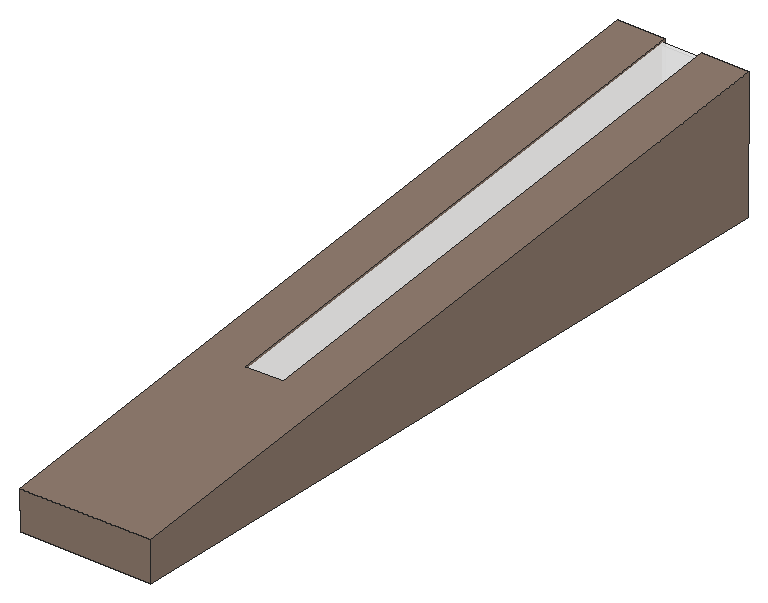
Revit family "3-739-xx - 37-739-xx - Karme (Outdoor)", category Lighting Fixtures, host Face, Revit 2018
Family settings
  Host = Face
  Round Connector Dimension = Use Diameter
  Part Type = Normal
  Cut with Voids When Loaded = No
  Light Source = Yes
  Shared = No
  Room Calculation Point = No
Parameters (values of type "3-739-22 / 37-739-22 - Karme")
  Wattage Comments = "15.3 W at 120 V"  # constant formula
  Wattage = 15.3 W
  built-in parameter 1150110 = 1 (stored number, unit not read)
  Voltage Input [instance] = "120 V or 277 V 50/60Hz"  # constant formula
  URL = "www.oxygenlighting.com"
  built-in parameter 1114217 = 1 (stored number, unit not read)
  Tilt Angle = 180.00°
  built-in parameter 1150109 = 1 (stored number, unit not read)
  built-in parameter 1150134 = (empty or 0)
  built-in parameter 1150113 = 1 (stored number, unit not read)
  Photometric Web File = "3-739-16 Karme Sconce.ies"
  Other = none
  References [instance] = "Ref. 3 = 120V / Ref. 37 = 277 V"  # constant formula
  Model = "3-739-xx / 37-739-xx - Karme"  # constant formula
  Metal Finish = 22- Oiled Bronze
  Manufacturer = "Oxygen Lighting"  # constant formula
  built-in parameter 1150105 = 29.708 (stored number, unit not read)
  Lumens = 373.32 lm
  built-in parameter 1150115 = 1 (stored number, unit not read)
  built-in parameter 1150137 = (empty or 0)
  built-in parameter 1150139 = (empty or 0)
  built-in parameter 1150112 = 1 (stored number, unit not read)
  built-in parameter 1150114 = 1 (stored number, unit not read)
  Lamp = "LED Array"  # constant formula
  built-in parameter 1150132 = (empty or 0)
  built-in parameter 1150102 = (empty or 0)
  built-in parameter 1150107 = 3000 (stored number, unit not read)
  built-in parameter 1150138 = (empty or 0)
  built-in parameter 1150106 = 0.29708 (stored number, unit not read)
  built-in parameter 1150127 = 1.00"
  Emit from Rectangle Length = 11.00"
  Emit Shape Visible in Rendering = no
  built-in parameter 1150104 = 2.2668 (stored number, unit not read)
  Dimming Lamp Color Temperature Shift = <None>
  Diffuser = Polished White Polycarbonate
  Default Elevation = 0.00"
  Color Filter = 16777215
  Emit from Rectangle Width = 12.00"
  built-in parameter 1150133 = 10 (stored number, unit not read)
Types (3): name | Metal Finish
  (no name) | 22- Oiled Bronze
  3-739-16 / 37-739-16 - Karme | 16 - Gray
  3-739-22 / 37-739-22 - Karme | 22- Oiled Bronze
Reference planes (in)
  plane 1 "Center (Front/Back)": y = 0
  plane 2: z = 0
  plane 3 "Center (Left/Right)": x = 0
Dimensions and locks (in)
  aligned and locked: plane 2 to host face
  aligned and locked: level to host face
  aligned and locked: plane 3 "Center (Left/Right)" to imposter light
Nested families (in)
  nested 1: "3-739 Karme" at (0, 0, 0), type "3-739 Karme"
Definition of nested family "3-739 Karme"
  Parameters (values of type "3-739 Karme")
    Others 2 = none
    Others 1 = none
    Metal Finish = none
    Main Diffuser = none
    2nd Diffuser = none
  Reference planes (in)
    plane 1 "Center (Front/Back)": y = 0
    plane 2: z = 0
    plane 3 "Center (Left/Right)": x = 0
    plane 4 "Very Bottom": y = 10
  Forms (in)
    Extrusion 1, solid, material <- "Metal Finish"
      sketch origin (0, 0, 0) x (0, 0, 1) y (0, 1, 0)
        loop
          line (0, 10) -> (0, -10) -> (1.04431, -10) -> (3.5, 10) -> (0, 10)
      from -1.75 to 1.75
    Extrusion 2, void
      sketch origin (0, 0, 0) x (0, 0, 1) y (0, 1, 0)
        loop
          line (1.10113, 10) -> (1.10113, 9.5) -> (0.35113, 9.5) -> (0.35113, -4) -> (3.50113, -4) -> (3.50113, 10) -> (1.10113, 10)
      from -0.5 to 0.5
    Extrusion 3, solid, material <- "Main Diffuser"
      sketch origin (0, 0, 0) x (0, 0, 1) y (0, 1, 0)
        loop
          line (1.73064, -4) -> (3.44349, 9.95) -> (1.10113, 9.95) -> (1.10113, 9.9) -> (3.38697, 9.9) -> (1.68027, -4) -> (1.73064, -4)
      from -0.5 to 0.5
    Extrusion 4, solid
      sketch origin (0, 0, 0) x (-1, 0, 0) y (0, -1, 0)
        loop
          line (-0.66207, 3) -> (-0.66207, -9.5) -> (0.66207, -9.5) -> (0.66207, 3) -> (-0.66207, 3)
      from 0.35113 to 0.43507
  Cuts and joins
    Extrusion 2 cuts Extrusion 1
  Lines and regions (in)
    model lines
      curve 1: line (-4, 0, 0) -> (4, 0, 0)
      curve 2: line (0, -4, 0) -> (0, 4, 0)
    symbolic lines
      curve 3: circle (0, 0, 0) r 2 normal (0, 0, 1)
    model lines, not visible
      curve 4: line (-13.0722, 21.77075, 0) -> (-5.0722, 21.77075, 0)
      curve 5: line (-9.0722, 17.77075, 0) -> (-9.0722, 25.77075, 0)
    symbolic lines, not visible
      curve 6: circle (-9.0722, 21.77075, 0) r 2 normal (0, 0, 1)
  Text (in)
    text "M.C." at (0.88973, 1.62995, 0), in view "Ref. Level"
    text "M.C." at (-8.18247, 23.4007, 0), in view "Ref. Level", not visible
  Dimensions and locks (in)
    equal spacing: Extrusion 4 sketch curve, plane 3 "Center (Left/Right)", Extrusion 4 sketch curve
    aligned and locked: plane 2 to level
